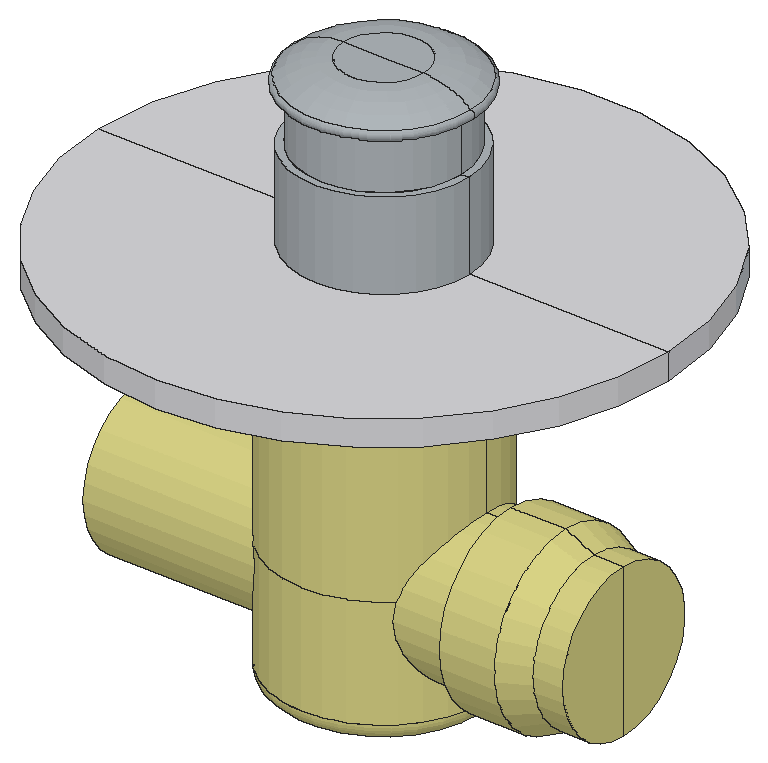
Revit family "IS-PU05-11 VALVULA SANITARIO PUSH GRICOL", category Plumbing Fixtures, host Face, Revit 2018
Family settings
  Host = Face
  Round Connector Dimension = Use Diameter
  Part Type = Normal
  OmniClass Number = 23.31.11.00
  Cut with Voids When Loaded = No
  Shared = No
  Room Calculation Point = No
Parameters (values of type "IS-PU05-11")
  Waste Water Outlet = ""
  Metal - ABS Cromado = Plastico - ABS Cromado
  Escudo = 120.0 mm
  Buje = 36.0 mm
  Metal - Acero inoxidable = Metal - Acero inoxidable
  Link Ficha Tecnica = "http://infotecnica.gricol.com/FT_ISPU0511.pdf"
  Waste Connection = 1 = 0  # no
  Vent Connection = 1 = 0  # no
  URL = "https://www.gricol.com/"
  Type Image = <None>
  Product Name = "VALVULA SANITARIO PUSH GRICOL"  # constant formula
  Model = "IS-PU05-11"  # constant formula
  Manufacturer = "Gricol"  # constant formula
  HW Connection = 1 = 1  # yes
  Description = "Valvula"  # constant formula
  Default Elevation = 0.0 mm
  Date Modified = ""
  Date Created = "05/28/2020"  # constant formula
  Copyright = "All rights reserved © Gricol - 2020."  # constant formula
  Laton = Laton
  CW Connection = 1 = 1  # yes
  Base Valvula = 32.0 mm
  Assembly Code = ""
  Ancho = 117.5 mm
  Alto = 101.0 mm
Reference planes
  plane 1 "Center (Front/Back)": y = 0
  plane 2: z = 0
  plane 3 "Center (Left/Right)": x = 0
  plane 4: x = 16
  plane 5: x = -60
  plane 6: x = 94.275
  plane 7: x = 60
  plane 8: z = -77.626
  plane 9: z = 39.874
  plane 10: z = -56.615
  plane 11: x = -50.5
  plane 12: x = 50.5
  plane 13: z = -38.401
  plane 14: z = -70.401
  plane 15: x = -18
  plane 16: x = 18
Text (mm)
  text "H 1\" NPT" at (-123.253, 0, -50.191), in view "Front"
Dimensions and locks
  "Alto": plane 12 to plane 11
  "Ancho": plane 9 to plane 8
  "Base Valvula": plane 13 to plane 14
  "Escudo": plane 7 to plane 5
  "Buje": plane 15 to plane 16
  aligned and locked: host face to plane 2
  aligned and locked: level to host face
Automatic sketch dimensions
  host sketch curve to host sketch curve = 433.531 mm
  host sketch curve to host sketch curve = 273.88 mm
Nested families
  nested 1: "VALVULA SANITARIO PUSH GRICOL" at (0, -14.553, 0), type "VALVULA ORINAL PUSH 0.5 IPF"
Connectors
  piping at (-50.5, 0, -54.401), diameter 25.4
    settings: on nested 1, index 1, connector inside diameter 24", connector length 0.0 mm, flow factor 0, pipe flow 0 GPM, pressure drop 0.00 psi, fitting loss kfactor 0, connector angle 0.00°, fixture units 0, engagement length 0.0 mm, angle of deflection 0.00°, flow configuration 0, flow direction 0, fitting loss method 0, system type 20, joint type 0, gender type 0, connector reference index -1, connector utility 0, adjustable connector no, is connector primary yes, connector description ""
Definition of nested family "VALVULA SANITARIO PUSH GRICOL"
  Parameters (values of type "VALVULA ORINAL PUSH 0.5 IPF")
    Weight Net (Kg) = "6.60Kg"
    Waste Connection = no
    Vent Connection = no
    Type Comments = ""
    Nominal width = "370"
    Nominal height = "130"
    Model = ""
    Manufacturer = ""
    Keynote = ""
    HW Connection = no
    Cost = 0
    CW Connection = no
  Reference planes
    plane 1 "Center (Front/Back)": y = 14.553
    plane 2: z = 0
    plane 3 "Center (Left/Right)": x = 0
    plane 4: x = -50.5
    plane 5: y = -28.447
    plane 6: x = 50.5
    plane 7: y = 57.553
    plane 8 "MARIPOSA 5": z = 39.874
    plane 9: x = -18
    plane 10: x = 18
    plane 11 "MARIPOSA 6": z = -77.626
    plane 12: z = -70.401
    plane 13: z = -38.401
    plane 14: x = -60
    plane 15: x = 60
  Forms (mm)
    Revolve 1, solid
      sketch origin (0, 14.553, 1.556) x (0, 0, 1) y (-1, 0, 0)
        loop
          line (-1.556, 60) -> (-1.556, 58.448) -> (1.935, 58.448) -> (1.935, 18) -> (3.809, 18) -> (3.809, 60) -> (-1.556, 60)
        axis (-1.556, 0) -> (3.809, 0)
      angle from 0 to 360
    Revolve 2, solid
      sketch origin (0, 14.553, 1.556) x (0, 0, 1) y (-1, 0, 0)
        loop
          line (-1.556, 16.505) -> (22.064, 16.505) -> (22.064, 18) -> (-1.556, 18) -> (-1.556, 16.505)
        axis (22.064, 0) -> (-1.556, 0)
      angle from 0 to 360
    Revolve 3, solid
      sketch origin (0, 14.553, -12.126) x (0, 0, 1) y (-1, 0, 0)
        loop
          line (-54.975, 50.5) -> (-58.275, 50.5) -> (-58.275, -26.735) -> (-61.025, -26.735) -> (-61.025, -38.361) -> (-58.275, -44.196) -> (-58.275, -50.5) -> (-42.275, -50.5) -> (-42.275, 23) -> (-54.975, 23) -> (-54.975, 50.5)
        axis (-42.275, 50.5) -> (-42.275, -50.5)
      angle from 0 to 360
    Revolve 4, solid
      sketch origin (42.275, 14.553, -65.386) x (1, 0, 0) y (0, 0, 1)
        loop
          line (-63.925, 49.717) -> (-63.925, 14.717) -> (-63.925, -8.533)
          arc (-63.925, -8.533) -> (-62.839, -11.154) -> (-60.218, -12.239) r 3.707
          line (-60.218, -12.239) -> (-42.275, -12.239) -> (-42.275, 65.386) -> (-58.449, 65.386) -> (-58.449, 60.318) -> (-61.36, 60.318) -> (-61.36, 52.506) -> (-60.139, 52.506) -> (-60.139, 49.717) -> (-63.925, 49.717)
        axis (-42.275, 65.386) -> (-42.275, -12.239)
      angle from 0 to 360
    Revolve 5, solid
      sketch origin (0, 14.553, -6.709) x (0, 0, 1) y (-1, 0, 0)
        loop
          line (30.329, 16.387) -> (30.329, 0) -> (46.567, 0) -> (46.567, 8.412)
          arc (46.567, 8.412) -> (45.685, 13.699) -> (43.134, 18.413) r 16.283
          arc (43.134, 18.413) -> (42.105, 18.974) -> (41.178, 18.257) r 1.071
          line (41.178, 18.257) -> (41.178, 16.387) -> (30.329, 16.387)
        axis (30.329, 0) -> (46.567, 0)
      angle from 0 to 360
    Revolve 6, solid
      sketch origin (0, 14.553, -1.943) x (0, 0, 1) y (-1, 0, 0)
        loop
          line (-64.317, 42.806) -> (-63.374, 43.749) -> (-64.317, 44.693) -> (-63.374, 45.636) -> (-64.317, 46.579) -> (-63.374, 47.522) -> (-64.317, 48.465) -> (-63.374, 49.408) -> (-64.168, 50.5) -> (-65.158, 50.5) -> (-65.158, 23) -> (-63.374, 23) -> (-64.317, 23.943) -> (-63.374, 24.886) -> (-64.317, 25.829) -> (-63.374, 26.773) -> (-64.317, 27.716) -> (-63.374, 28.659) -> (-64.317, 29.602) -> (-63.374, 30.545) -> (-64.317, 31.488) -> (-63.374, 32.432) -> (-64.317, 33.375) -> (-63.374, 34.318) -> (-64.317, 35.261) -> (-63.374, 36.204) -> (-64.317, 37.147) -> (-63.374, 38.09) -> (-64.317, 39.034) -> (-63.374, 39.977) -> (-64.317, 40.92) -> (-63.374, 41.863) -> (-64.317, 42.806)
        axis (-52.458, 50.5) -> (-52.458, 23)
      angle from 0 to 360
  Cuts and joins
    joined: Revolve 3, Revolve 4
  Text (mm)
    text "Rosca ø 1/2\" NPT" at (0, 116.697, 32.709), in view "Right"
    text "Rosca ø 3/4\" NH" at (0, -22.504, -12.52), in view "Right"
  Dimensions and locks
    plane 1 "Center (Front/Back)" to plane 5 = 43.0 mm
    plane 7 to plane 5 = 86.0 mm
    locked: plane 9 to plane 10 at 36
    locked: plane 8 "MARIPOSA 5" to plane 11 "MARIPOSA 6" at 117.5
    plane 4 to plane 6 = 101.0 mm
    Revolve 3 sketch curve to Revolve 3 sketch curve = 12.7 mm
    locked: plane 13 to plane 12 at 32
    Revolve 4 sketch curve to Revolve 4 sketch curve = 21.65 mm
    plane 14 to plane 15 = 120.0 mm
    aligned and locked: level to plane 2
